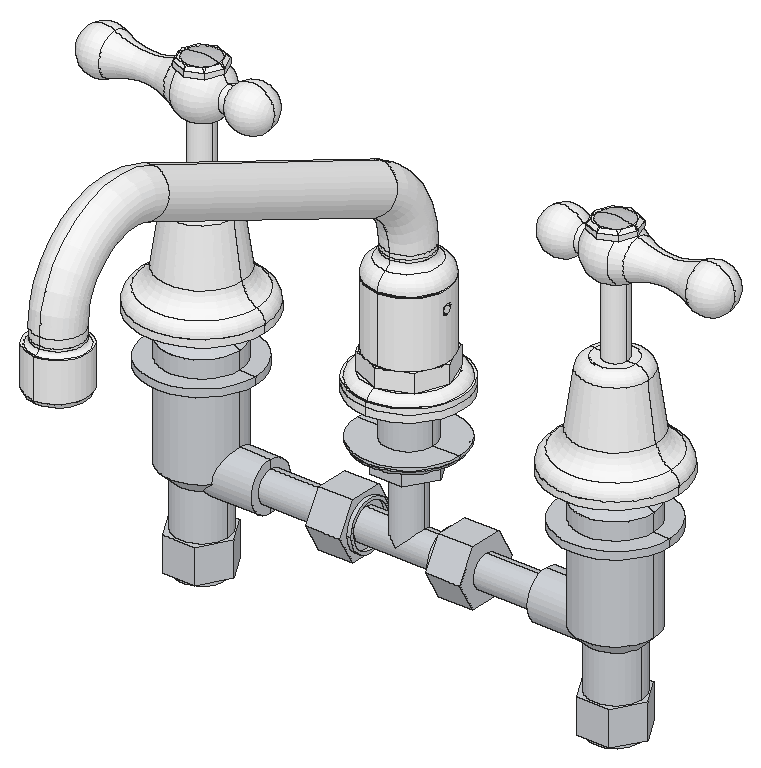
Revit family "Reece_Tap_Posh_Bristol_Sink Set", category Plumbing Fixtures, host Face, Revit 2018
Family settings
  Host = Face
  Round Connector Dimension = Use Diameter
  Part Type = Normal
  Cut with Voids When Loaded = No
  Shared = Yes
  Room Calculation Point = Yes
Parameters (values of type "180 mm_Lever Handle_Chrome")
  WFU = 0  # constant formula
  URL = "https://www.reece.com.au/product/-9502223"
  Type Comments = "Tap"
  Reece_Trim = no
  Reece_Tap_Reach = 180 mm  # constant formula
  Reece_Tap_Inlet = 12 mm  # constant formula
  Reece_Tap_Handle_Spacing_Distance [instance] = if(Reece_Tap_Handle_Spacing < 120 mm, 120 mm, if(Reece_Tap_Handle_Spacing > 55 mm, Reece_Tap_Handle_Spacing, Reece_Tap_Handle_Spacing))  # 170 mm
  Reece_Tap_Handle_Spacing [instance] = 170 mm
  Reece_Tap_Clearance = 78.5 mm  # constant formula
  Reece_Product_Web Page = "https://www.reece.com.au/product/-9502223"
  Reece_Product_Type = "Tap"  # constant formula
  Reece_Product_Sub Brand = "Bristol"  # constant formula
  Reece_Product_Number = "9502223"
  Reece_Product_Mount = "Hob Mounted"
  Reece_Product_Description = "Posh Bristol Hob Sink Set Lever Ceramic Disc Chrome (4 Star)"
  Reece_Product_Brand = "Posh"  # constant formula
  Reece_Overall_Height = 143.5 mm  # constant formula
  Reece_Material_Secondary = Reece_Brass_Chrome
  Reece_Material_Main = Reece_Brass_Chrome
  Reece_Material_Colour = Reece_Plastic_White
  Reece_Handle_Type = Reece_Tap_Posh_Bristol_Sink_Lever Handle_Nested : Reece_Tap_Posh_Bristol_Sink_Lever Handle_Nested
  Reece_Detail_Installation = ""
  Reece_Detail_Disclaimer = "THIS FILE IS THE PROPERTY OF THE REECE GROUP. IT MAY NOT BE REPRODUCED, REVERSE-ENGINEERED OR MODIFIED. ANY REPUBLICATION, TRANSMISSION OR DISTRIBUTION FOR THE PURPOSE OF COMMERCIALLY EXPLOITING THE FILES IS PROHIBITED."  # constant formula
  Reece_Detail_Connector = ""
  Reece_Detail_Additional = ""
  Model = "Bristol"
  Manufacturer = "Posh"
  Keynote = "Product #9502223, Reece_Tap_Posh_Bristol_Sink Set - 180 mm_Lever Handle_Chrome"
  HWFU = 0  # constant formula
  Disclaimer = "THIS FILE IS THE PROPERTY OF THE REECE GROUP. IT MAY NOT BE REPRODUCED, REVERSE-ENGINEERED OR MODIFIED. ANY REPUBLICATION, TRANSMISSION OR DISTRIBUTION FOR THE PURPOSE OF COMMERCIALLY EXPLOITING THE FILES IS PROHIBITED."  # constant formula
  Description = "Posh Bristol Hob Sink Set Lever Ceramic Disc Chrome (4 Star)"
  Default Elevation = 1000 mm
  CWFU = 0  # constant formula
Types (5, lengths in mm): name | URL | Reece_Trim | Reece_Product_Web Page | Reece_Product_Number | Reece_Product_Description | Reece_Material_Secondary | Reece_Material_Main | Reece_Handle_Type | Keynote | Description
  180 mm_Lever Handle_Chrome | "https://www.reece.com.au/product/-9502223" | no | "https://www.reece.com.au/product/-9502223" | "9502223" | "Posh Bristol Hob Sink Set Lever Ceramic Disc Chrome (4 Star)" | Reece_Brass_Chrome | Reece_Brass_Chrome | Reece_Tap_Posh_Bristol_Sink_Lever Handle_Nested : Reece_Tap_Posh_Bristol_Sink_Lever Handle_Nested | "Product #9502223, Reece_Tap_Posh_Bristol_Sink Set - 180 mm_Lever Handle_Chrome" | "Posh Bristol Hob Sink Set Lever Ceramic Disc Chrome (4 Star)"
  180 mm_Cross Handle_Chrome | "https://www.reece.com.au/product/-9502201" | no | "https://www.reece.com.au/product/-9502201" | "9502201" | "Posh Bristol Hob Sink Set Adjustable Chrome (4 Star)" | Reece_Brass_Chrome | Reece_Brass_Chrome | Reece_Tap_Posh_Bristol_Sink_Cross Handle_Nested : Reece_Tap_Posh_Bristol_Sink_Cross Handle_Nested | "Product #9502201, Reece_Tap_Posh_Bristol_Sink Set - 180 mm_Cross Handle_Chrome" | "Posh Bristol Hob Sink Set Adjustable Chrome (4 Star)"
  180 mm_Cross Handle_White_Chrome | "https://www.reece.com.au/product/-9502205" | yes | "https://www.reece.com.au/product/-9502205" | "9502205" | "Posh Bristol Hob Sink Set Adjustable White/Chrome (4 Star)" | Reece_Brass_Chrome | Reece_Metal_Steel Enamelled_White | Reece_Tap_Posh_Bristol_Sink_Cross Handle_Nested : Reece_Tap_Posh_Bristol_Sink_Cross Handle_Nested | "Product #9502205, Reece_Tap_Posh_Bristol_Sink Set - 180 mm_Cross Handle_White_Chrome" | "Posh Bristol Hob Sink Set Adjustable White/Chrome (4 Star)"
  180 mm_Cross Handle_Chrome_Gold | "https://www.reece.com.au/product/-9502204" | yes | "https://www.reece.com.au/product/-9502204" | "9502204" | "Posh Bristol Adjustable Hob Sink Set Chrome/Gold (4 Star)" | Reece_Metal_Gold_Polished | Reece_Brass_Chrome | Reece_Tap_Posh_Bristol_Sink_Cross Handle_Nested : Reece_Tap_Posh_Bristol_Sink_Cross Handle_Nested | "Product #9502204, Reece_Tap_Posh_Bristol_Sink Set - 180 mm_Cross Handle_Chrome_Gold" | "Posh Bristol Adjustable Hob Sink Set Chrome/Gold (4 Star)"
  180 mm_Cross Handle_Ivory_Gold | "https://www.reece.com.au/product/-9502203" | yes | "https://www.reece.com.au/product/-9502203" | "9502203" | "Posh Bristol Hob Sink Set Adjustable Ivory/Gold (4 Star)" | Reece_Metal_Gold_Polished | Reece_Metal_Steel Enamelled_Ivory | Reece_Tap_Posh_Bristol_Sink_Cross Handle_Nested : Reece_Tap_Posh_Bristol_Sink_Cross Handle_Nested | "Product #9502203, Reece_Tap_Posh_Bristol_Sink Set - 180 mm_Cross Handle_Ivory_Gold" | "Posh Bristol Hob Sink Set Adjustable Ivory/Gold (4 Star)"
Reference planes
  plane 1 "Center (Front/Back)": y = 0
  plane 2 "Bottom": z = 0
  plane 3 "Center (Left/Right)": x = 0
  plane 4 "Top": z = 143.5
  plane 5: z = 42
  plane 6: z = 78.5
  plane 7: x = 85
  plane 8: x = -85
  plane 9: y = -180
Forms (mm)
  Revolve 1, solid, material "Reece_Brass_Chrome" <- "Reece_Material_Secondary"
    sketch origin (0, 0, 0) x (0, 1, 0) y (0, 0, 1)
      loop
        line (0, 0) -> (0, 3) -> (-22, 3) -> (-22, 0) -> (0, 0)
      axis (0, 3) -> (0, 0)
    angle from 0 to 360
  Revolve 2, solid, material "Reece_Brass_Chrome" <- "Reece_Material_Main"
    sketch origin (0, 0, 0) x (0, 1, 0) y (0, 0, 1)
      loop
        line (0, 15.3) -> (0, 52.835) -> (-9.5, 52.835) -> (-9.5, 51.824)
        arc (-9.5, 51.824) -> (-10.087, 49.94) -> (-11.641, 48.724) r 3.316
        arc (-11.641, 48.724) -> (-14.608, 46.414) -> (-15.758, 42.835) r 6.377
        line (-15.758, 42.835) -> (-14.963, 42.835) -> (-14.963, 42) -> (-15.758, 42) -> (-15.758, 15.3) -> (0, 15.3)
      loop
        line (0, 7.876) -> (-17.056, 7.876)
        arc (-17.056, 7.876) -> (-19.524, 7.093) -> (-21.088, 5.031) r 4.28
        line (-21.088, 5.031) -> (-22, 5.031) -> (-22, 3) -> (0, 3) -> (0, 7.876)
      axis (0, 52.835) -> (0, 3)
    angle from 0 to 360
  Sweep 3, solid, material "Reece_Brass_Chrome" <- "Reece_Material_Main"
    path origin (0, 0, 0) x (0, 1, 0) y (0, 0, 1)
      loop
        line (0, 52.835) -> (0, 54.399)
        arc (0, 54.399) -> (-4.983, 70.957) -> (-18.278, 82.014) r 30
        line (-18.278, 82.014) -> (-135.497, 131.77)
        arc (-135.497, 131.77) -> (-165.662, 128.998) -> (-180, 102.314) r 32
        line (-180, 102.314) -> (-180, 99.003)
    profile origin (0, 0, 53.617) x (0, -1, 0) y (1, 0, 0)
      loop
        circle (0, 0) r 9.5
      loop
        circle (0, 0) r 8
  Revolve 4, solid, material "Reece_Brass_Chrome" <- "Reece_Material_Secondary"
    sketch origin (0, 0, 0) x (0, 1, 0) y (0, 0, 1)
      loop
        line (-180, 96.194) -> (-192.093, 96.194) -> (-192.093, 80.13) -> (-191.152, 78.5) -> (-180, 78.5) -> (-180, 96.194)
      axis (-180, 96.194) -> (-180, 78.5)
    angle from 0 to 360
  Revolve 5, solid, material "Reece_Brass_Chrome" <- "Reece_Material_Main"
    sketch origin (0, 0, 0) x (0, 1, 0) y (0, 0, 1)
      loop
        line (-180, 99.003) -> (-189.5, 99.003) -> (-189.5, 98.073)
        arc (-189.5, 98.073) -> (-189.961, 96.832) -> (-191.122, 96.194) r 1.9
        line (-191.122, 96.194) -> (-180, 96.194) -> (-180, 99.003)
      axis (-180, 99.003) -> (-180, 96.194)
    angle from 0 to 360
  Extrusion 6, void
    sketch origin (0, 0, 0) x (1, 0, 0) y (0, 1, 0)
      loop
        line (12.06, -12.06) -> (17.056, 0) -> (12.06, 12.06) -> (0, 17.056) -> (-12.06, 12.06) -> (-17.056, 0) -> (-12.06, -12.06) -> (0, -17.056) -> (12.06, -12.06)
      loop
        circle (0, 0) r 20
    from 7.876 to 15.3
  Revolve 7, solid, material "Reece_Brass_Chrome" <- "Reece_Material_Main"
    sketch origin (0, 0, 0) x (0, 1, 0) y (0, 0, 1)
      loop
        line (0, 7.876) -> (0, 15.3) -> (-16.045, 15.3)
        arc (-16.045, 15.3) -> (-17.599, 14.656) -> (-18.243, 13.102) r 2.198
        line (-18.243, 13.102) -> (-18.243, 7.876) -> (0, 7.876)
      axis (0, 15.3) -> (0, 7.876)
    angle from 0 to 360
  Extrusion 8, void
    sketch origin (0, 0, 0) x (1, 0, 0) y (0, 1, 0)
      loop
        circle (0, 0) r 18.049
    from -23.886 to 0
  Revolve 9, void
    sketch origin (0, 0, 0) x (1, 0, 0) y (0, 0, 1)
      loop
        line (-85, 0) -> (-85, -30) -> (-69, -30) -> (-69, 0) -> (-85, 0)
      axis (-85, 0) -> (-85, -30)
    angle from 0 to 360
  Revolve 10, void
    sketch origin (0, 0, 0) x (-1, 0, 0) y (0, 0, 1)
      loop
        line (-85, 0) -> (-85, -30) -> (-69, -30) -> (-69, 0) -> (-85, 0)
      axis (-85, 0) -> (-85, -30)
    angle from 0 to 360
  Revolve 11, solid
    sketch origin (0, 0, -8.627) x (1, 0, 0) y (0, 0, 1)
      loop
        line (0, 8.627) -> (0, -47) -> (6.5, -47) -> (6.5, -11.7) -> (18.888, -11.7)
        arc (18.888, -11.7) -> (19.596, -11.407) -> (19.888, -10.7) r 1
        line (19.888, -10.7) -> (19.888, -9.6) -> (20.888, -9.6) -> (20.888, -8.742) -> (10, -8.742) -> (10, 8.627) -> (0, 8.627)
      axis (0, 8.627) -> (0, -47)
    angle from 0 to 360
  Revolve 12, solid
    sketch origin (0, 0, -8.627) x (1, 0, 0) y (0, 0, 1)
      loop
        line (85, -47) -> (85, -37.123) -> (56.612, -37.123) -> (56.612, -40.5) -> (-56.612, -40.5) -> (-56.612, -37.123) -> (-85, -37.123) -> (-85, -47) -> (85, -47)
      axis (85, -47) -> (-85, -47)
    angle from 0 to 360
  Extrusion 13, solid
    sketch origin (-86.612, -0.379, -58.508) x (0, 1, 0) y (0, 0, 1)
      loop
        line (-12.921, 2.881) -> (-6.271, -8.637) -> (7.029, -8.637) -> (13.679, 2.881) -> (7.029, 14.399) -> (-6.271, 14.399) -> (-12.921, 2.881)
    from 55 to 69
  Revolve 14, solid
    sketch origin (10, 0, -7.769) x (1, 0, 0) y (0, 0, 1)
      loop
        line (-110.559, -12.6) -> (-110.559, -48.588) -> (-105.61, -53.538) -> (-105.61, -72.919) -> (-104.007, -74.52) -> (-95, -74.52) -> (-95, 7.769) -> (-105, 7.769) -> (-105, 0.4) -> (-110.559, -2.6) -> (-110.559, -9.6) -> (-117.347, -9.6) -> (-117.347, -12.6) -> (-110.559, -12.6)
      axis (-95, 7.769) -> (-95, -74.52)
    angle from 0 to 360
  Extrusion 15, solid
    sketch origin (-90, 0, -80.688) x (0, 1, 0) y (1, 0, 0)
      loop
        line (0.001, 18.3) -> (-11.518, 11.65) -> (-11.518, -1.65) -> (0.001, -8.3) -> (11.519, -1.65) -> (11.519, 11.65) -> (0.001, 18.3)
    from 0 to 14
  Extrusion 16, solid
    sketch origin (-90, 0, -94.688) x (-1, 0, 0) y (0, 1, 0)
      loop
        circle (-5, 0.001) r 10
      loop
        circle (-5, 0.001) r 9
    from 0 to 2
  Extrusion 17, solid
    sketch origin (90, 0, -80.688) x (0, 1, 0) y (1, 0, 0)
      loop
        line (0.001, 8.3) -> (-11.518, 1.65) -> (-11.518, -11.65) -> (0.001, -18.3) -> (11.519, -11.65) -> (11.519, 1.65) -> (0.001, 8.3)
    from 0 to 14
  Extrusion 18, solid
    sketch origin (90, -0.001, -94.688) x (-1, 0, 0) y (0, 1, 0)
      loop
        circle (5, 0.001) r 10
      loop
        circle (5, 0.001) r 9
    from 0 to 2
  Extrusion 19, solid
    sketch origin (22.612, -0.379, -58.508) x (0, 1, 0) y (0, 0, 1)
      loop
        line (-12.921, 2.881) -> (-6.271, -8.637) -> (7.029, -8.637) -> (13.679, 2.881) -> (7.029, 14.399) -> (-6.271, 14.399) -> (-12.921, 2.881)
    from -5 to 9
  Extrusion 20, solid
    sketch origin (17.612, -0.379, -58.508) x (0, -1, 0) y (0, 0, 1)
      loop
        circle (-0.379, 2.881) r 10
      loop
        circle (-0.379, 2.881) r 9
    from 0 to 2
  Revolve 21, solid
    sketch origin (-10, 0, -7.769) x (-1, 0, 0) y (0, 0, -1)
      loop
        line (-110.559, 12.6) -> (-117.347, 12.6) -> (-117.347, 9.6) -> (-110.559, 9.6) -> (-110.559, 2.6) -> (-105, -0.4) -> (-105, -7.769) -> (-95, -7.769) -> (-95, 74.52) -> (-104.007, 74.52) -> (-105.61, 72.919) -> (-105.61, 53.538) -> (-110.559, 48.588) -> (-110.559, 12.6)
      axis (-95, -7.769) -> (-95, 74.52)
    angle from 0 to 360
  Extrusion 22, solid
    sketch origin (0, 0, -20.327) x (0, 1, 0) y (1, 0, 0)
      loop
        line (0.001, 13.3) -> (-11.518, 6.65) -> (-11.518, -6.65) -> (0.001, -13.3) -> (11.519, -6.65) -> (11.519, 6.65) -> (0.001, 13.3)
    from 0 to 8.3
  Revolve 23, void
    sketch origin (0, 0, 0) x (1, 0, 0) y (0, 0, 1)
      loop
        line (16.205, 37) -> (15.266, 37) -> (15.266, 36.208) -> (14.016, 36.208) -> (14.016, 34.817) -> (16.205, 34.817) -> (16.205, 37)
      axis (14.016, 34.817) -> (16.205, 34.817)
    angle from 0 to 360
  Extrusion 24, solid, material "Reece_Brass_Chrome" <- "Reece_Material_Secondary"
    sketch origin (0, 0, 0) x (0, 1, 0) y (0, 0, 1)
      loop
        circle (0, 34.817) r 1.391
    from 14.016 to 15.758
  Extrusion 25, solid
    sketch origin (-17.612, -0.379, -58.508) x (0, -1, 0) y (0, 0, -1)
      loop
        circle (-0.379, -2.881) r 10
      loop
        circle (-0.379, -2.881) r 9
    from 0 to 2
Cuts and joins
  Revolve 23 cuts Revolve 2
  joined: Revolve 2, Sweep 3, Revolve 5
  Extrusion 6 cuts Revolve 7
  joined: Revolve 11, Revolve 12, Revolve 14, Extrusion 15, Extrusion 16, Extrusion 17, Extrusion 18, Revolve 21, Extrusion 22
  joined: Extrusion 19, Extrusion 20
Text (mm)
  text "Reece Copyright © 2018, Reece Ltd." at (-352.244, -249.812, 0), in view "Ref. Level"
  text "Reece ©" at (44.964, 162.77, 95.584), in view "Reece Preview"
Dimensions and locks
  "Reece_Overall_Height": plane 4 "Top" to plane 2 "Bottom"
  equal spacing: plane 8, plane 3 "Center (Left/Right)", plane 7
  "Reece_Tap_Handle_Spacing_Distance": plane 8 to plane 7
  "Reece_Tap_Clearance": plane 6 to plane 2 "Bottom"
  plane 5 to plane 2 "Bottom" = 42 mm
  "Reece_Tap_Reach": plane 1 "Center (Front/Back)" to plane 9
  plane 8 to cut or joined group 1 (Revolve 11, Revolve 12, Revolve 14, Extrusion 15, Extrusion 16, Extrusion 17, Extrusion 18, Revolve 21, Extrusion 22) = 0 mm
  aligned and locked: plane 2 "Bottom" to host face
  aligned and locked: level to host face
  aligned and locked: nested 1 to plane 1 "Center (Front/Back)"
  aligned and locked: nested 1 to plane 8
  aligned and locked: Revolve 10 sketch curve to plane 7
  aligned and locked: plane 1 "Center (Front/Back)" to nested 2
  aligned and locked: plane 7 to nested 2
  aligned and locked: Revolve 12 sketch curve to nested 2
  aligned and locked: Revolve 12 sketch curve to nested 1
Automatic sketch dimensions
  host sketch curve to host sketch curve = 380.785 mm
  host sketch curve to host sketch curve = 317.421 mm
  level to Revolve 1 sketch curve = 0 mm
  Revolve 1 sketch curve to plane 1 "Center (Front/Back)" = 0 mm  (x2)
  level to Revolve 1 sketch curve = 3 mm
  plane 1 "Center (Front/Back)" to Revolve 1 sketch curve = 22 mm
  Revolve 1 sketch curve to level = 3.5 mm
  Revolve 1 sketch curve to Revolve 1 sketch curve = 1.5 mm
  Revolve 2 sketch curve to plane 5 = 0 mm
  Revolve 2 sketch curve to plane 1 "Center (Front/Back)" = 0 mm  (x3)
  plane 5 to Revolve 2 sketch curve = 0.761 mm
  plane 1 "Center (Front/Back)" to Revolve 2 sketch curve = 9.382 mm
  Revolve 2 sketch curve to Revolve 2 sketch curve = 0.118 mm
  Revolve 2 sketch curve to Revolve 2 sketch curve = 3.316 mm
  Revolve 2 sketch curve to Revolve 2 sketch curve = 5.582 mm
  Revolve 2 sketch curve to Revolve 2 sketch curve = 0.795 mm  (x2)
  level to Revolve 2 sketch curve = 3.596 mm
  Revolve 2 sketch curve to Revolve 2 sketch curve = 1.298 mm
  Revolve 2 sketch curve to Revolve 2 sketch curve = 4.032 mm
  Revolve 2 sketch curve to Revolve 2 sketch curve = 0.912 mm
  level to Revolve 2 sketch curve = 3 mm
  Revolve 2 sketch curve to Revolve 2 sketch curve = 2.031 mm
  Revolve 2 sketch curve to Revolve 2 sketch curve = 7.424 mm
  Revolve 2 sketch curve to Revolve 2 sketch curve = 0.835 mm
  Revolve 2 sketch curve to Revolve 2 sketch curve = 8.989 mm
  Revolve 2 sketch curve to Revolve 2 sketch curve = 1.011 mm
  Revolve 2 sketch curve to Revolve 2 sketch curve = 3.736 mm
  Revolve 2 sketch curve to plane 5 = 5.269 mm
  Sweep 3 sketch curve to plane 9 = 0 mm
  Sweep 3 sketch curve to plane 1 "Center (Front/Back)" = 0 mm
  Sweep 3 sketch curve to plane 9 = 32 mm
  Sweep 3 sketch curve to plane 4 "Top" = 11.73 mm
  Sweep 3 sketch curve to Sweep 3 sketch curve = 12.503 mm
  plane 5 to Sweep 3 sketch curve = 12.399 mm
  plane 1 "Center (Front/Back)" to Sweep 3 sketch curve = 30 mm
  plane 6 to Sweep 3 sketch curve = 3.514 mm
  Sweep 3 sketch curve to Sweep 3 sketch curve = 1.564 mm
  Sweep 3 sketch curve to Sweep 3 sketch curve = 3.311 mm
  Sweep 3 sketch curve to Sweep 3 sketch curve = 0 mm  (x2)
  Sweep 3 sketch curve to plane 3 "Center (Left/Right)" = 0 mm
  Sweep 3 sketch curve to profile plane = 0 mm
  Revolve 4 sketch curve to plane 6 = 0 mm
  Revolve 4 sketch curve to plane 9 = 0 mm  (x2)
  Revolve 4 sketch curve to Revolve 4 sketch curve = 11.152 mm
  Revolve 4 sketch curve to Revolve 4 sketch curve = 0.941 mm
  plane 6 to Revolve 4 sketch curve = 1.63 mm
  Revolve 4 sketch curve to Revolve 4 sketch curve = 16.064 mm
  Revolve 4 sketch curve to plane 6 = 3.059 mm
  Revolve 4 sketch curve to Revolve 4 sketch curve = 1.837 mm
  Revolve 5 sketch curve to plane 9 = 0 mm  (x2)
  Revolve 5 sketch curve to Revolve 5 sketch curve = 9.5 mm
  Revolve 5 sketch curve to Revolve 5 sketch curve = 1.622 mm
  Revolve 5 sketch curve to Revolve 5 sketch curve = 1.9 mm
  plane 6 to Revolve 5 sketch curve = 17.694 mm
  Revolve 5 sketch curve to Revolve 5 sketch curve = 0.929 mm
  Revolve 5 sketch curve to Revolve 5 sketch curve = 2.893 mm
  Revolve 5 sketch curve to Revolve 5 sketch curve = 1.024 mm
  plane 1 "Center (Front/Back)" to Extrusion 6 sketch curve = 0 mm  (x3)
  Extrusion 6 sketch curve to plane 3 "Center (Left/Right)" = 0 mm  (x3)
  Extrusion 6 sketch curve to plane 3 "Center (Left/Right)" = 12.06 mm  (x2)
  Extrusion 6 sketch curve to Extrusion 6 sketch curve = 4.996 mm  (x4)
  plane 3 "Center (Left/Right)" to Extrusion 6 sketch curve = 12.06 mm  (x2)
  plane 1 "Center (Front/Back)" to Extrusion 6 sketch curve = 12.06 mm  (x2)
  Extrusion 6 sketch curve to plane 1 "Center (Front/Back)" = 12.06 mm  (x2)
  Revolve 7 sketch curve to plane 1 "Center (Front/Back)" = 0 mm  (x2)
  plane 1 "Center (Front/Back)" to Revolve 7 sketch curve = 16.045 mm
  Revolve 7 sketch curve to Revolve 7 sketch curve = 2.198 mm
  level to Revolve 7 sketch curve = 7.876 mm
  Revolve 7 sketch curve to Revolve 7 sketch curve = 5.226 mm
  Revolve 7 sketch curve to Revolve 7 sketch curve = 2.366 mm
  Revolve 7 sketch curve to plane 5 = 5.269 mm
  plane 1 "Center (Front/Back)" to Extrusion 8 sketch curve = 0 mm
  Extrusion 8 sketch curve to plane 3 "Center (Left/Right)" = 0 mm
  Revolve 9 sketch curve to level = 0 mm
  plane 8 to Revolve 9 sketch curve = 0 mm  (x2)
  Revolve 9 sketch curve to plane 8 = 16 mm
  Revolve 9 sketch curve to Revolve 9 sketch curve = 30 mm
  Revolve 9 sketch curve to Revolve 9 sketch curve = 15 mm  (x2)
  Revolve 10 sketch curve to level = 0 mm
  Revolve 10 sketch curve to plane 7 = 0 mm
  plane 7 to Revolve 10 sketch curve = 16 mm
  level to Revolve 10 sketch curve = 30 mm
  level to Revolve 10 sketch curve = 15 mm
  Revolve 10 sketch curve to Revolve 10 sketch curve = 15 mm
  Revolve 11 sketch curve to plane 3 "Center (Left/Right)" = 0 mm  (x2)
  Revolve 11 sketch curve to level = 0 mm
  plane 3 "Center (Left/Right)" to Revolve 11 sketch curve = 6.5 mm
  plane 3 "Center (Left/Right)" to Revolve 11 sketch curve = 10 mm
  Revolve 11 sketch curve to Revolve 11 sketch curve = 8.888 mm
  Revolve 11 sketch curve to Revolve 11 sketch curve = 1 mm  (x2)
  Revolve 11 sketch curve to level = 17.369 mm
  Revolve 11 sketch curve to Revolve 11 sketch curve = 0.858 mm
  Revolve 11 sketch curve to Revolve 11 sketch curve = 1.1 mm
  Revolve 11 sketch curve to Revolve 11 sketch curve = 35.3 mm
  Revolve 11 sketch curve to Revolve 11 sketch curve = 9.761 mm
  Revolve 11 sketch curve to Revolve 11 sketch curve = 14.612 mm
  Revolve 12 sketch curve to Revolve 12 sketch curve = 28.388 mm
  Revolve 12 sketch curve to plane 7 = 28.388 mm
  Revolve 12 sketch curve to level = 55.627 mm
  Revolve 12 sketch curve to Revolve 12 sketch curve = 6.5 mm
  Revolve 12 sketch curve to Revolve 12 sketch curve = 9.877 mm
  Revolve 12 sketch curve to Revolve 12 sketch curve = 3.377 mm
  plane 8 to Revolve 12 sketch curve = 45 mm
  plane 7 to Revolve 12 sketch curve = 40 mm
  Revolve 12 sketch curve to Revolve 12 sketch curve = 0 mm
  plane 1 "Center (Front/Back)" to Extrusion 13 sketch curve = 13.3 mm
  plane 1 "Center (Front/Back)" to Extrusion 13 sketch curve = 6.65 mm  (x2)
  Extrusion 13 sketch curve to plane 1 "Center (Front/Back)" = 6.65 mm  (x2)
  Extrusion 13 sketch curve to Extrusion 13 sketch curve = 6.65 mm
  Extrusion 13 sketch curve to level = 67.145 mm
  Extrusion 13 sketch curve to Extrusion 13 sketch curve = 11.518 mm  (x3)
  Revolve 14 sketch curve to level = 0 mm
  plane 8 to Revolve 14 sketch curve = 0 mm  (x2)
  plane 8 to Revolve 14 sketch curve = 9.007 mm
  plane 8 to Revolve 14 sketch curve = 10 mm
  Revolve 14 sketch curve to Revolve 14 sketch curve = 1.602 mm
  Revolve 14 sketch curve to Revolve 14 sketch curve = 5.559 mm
  Revolve 14 sketch curve to Revolve 14 sketch curve = 0 mm  (x2)
  Revolve 14 sketch curve to Revolve 14 sketch curve = 6.788 mm
  Revolve 14 sketch curve to Revolve 14 sketch curve = 7.369 mm
  Revolve 14 sketch curve to Revolve 14 sketch curve = 3 mm  (x2)
  Revolve 14 sketch curve to Revolve 14 sketch curve = 7 mm
  Revolve 14 sketch curve to Revolve 14 sketch curve = 35.988 mm
  Revolve 14 sketch curve to Revolve 14 sketch curve = 4.95 mm
  Revolve 14 sketch curve to Revolve 14 sketch curve = 19.382 mm
  Revolve 14 sketch curve to Revolve 14 sketch curve = 1.601 mm
  Revolve 14 sketch curve to Revolve 14 sketch curve = 38.18 mm
  plane 6 to Revolve 14 sketch curve = 21.031 mm
  plane 1 "Center (Front/Back)" to Extrusion 15 sketch curve = 11.518 mm
  Extrusion 15 sketch curve to plane 1 "Center (Front/Back)" = 0.001 mm  (x2)
  Extrusion 15 sketch curve to plane 1 "Center (Front/Back)" = 11.519 mm
  Extrusion 15 sketch curve to plane 8 = 13.3 mm
  Extrusion 15 sketch curve to plane 8 = 6.65 mm  (x2)
  plane 8 to Extrusion 15 sketch curve = 6.65 mm  (x2)
  Extrusion 15 sketch curve to Extrusion 15 sketch curve = 6.65 mm
  Extrusion 16 sketch curve to Extrusion 16 sketch curve = 0 mm  (x2)
  Extrusion 15 to Extrusion 16 sketch curve = 11.518 mm  (x2)
  plane 1 "Center (Front/Back)" to Extrusion 17 sketch curve = 11.518 mm
  Extrusion 17 sketch curve to plane 1 "Center (Front/Back)" = 0.001 mm  (x2)
  Extrusion 17 sketch curve to plane 1 "Center (Front/Back)" = 11.519 mm
  plane 7 to Extrusion 17 sketch curve = 13.3 mm
  plane 7 to Extrusion 17 sketch curve = 6.65 mm  (x2)
  Extrusion 17 sketch curve to plane 7 = 6.65 mm  (x2)
  Extrusion 17 sketch curve to plane 7 = 13.3 mm
  Extrusion 18 sketch curve to Extrusion 18 sketch curve = 0 mm  (x2)
  plane 1 "Center (Front/Back)" to Extrusion 18 sketch curve = 0 mm
  Extrusion 18 sketch curve to plane 7 = 0 mm
  plane 1 "Center (Front/Back)" to Extrusion 19 sketch curve = 13.3 mm
  plane 1 "Center (Front/Back)" to Extrusion 19 sketch curve = 6.65 mm  (x2)
  Extrusion 19 sketch curve to plane 1 "Center (Front/Back)" = 6.65 mm  (x2)
  Extrusion 19 sketch curve to Extrusion 19 sketch curve = 6.65 mm
  Extrusion 19 sketch curve to level = 67.145 mm
  Extrusion 19 sketch curve to Extrusion 19 sketch curve = 11.518 mm  (x3)
  Extrusion 20 sketch curve to Extrusion 20 sketch curve = 0 mm  (x2)
  Extrusion 20 sketch curve to Extrusion 19 = 11.518 mm  (x2)
  Revolve 21 sketch curve to level = 0 mm
  plane 7 to Revolve 21 sketch curve = 0 mm
  Revolve 21 sketch curve to plane 7 = 0 mm
  plane 7 to Revolve 21 sketch curve = 9.007 mm
  plane 7 to Revolve 21 sketch curve = 10 mm
  Revolve 21 sketch curve to Revolve 21 sketch curve = 1.602 mm
  Revolve 21 sketch curve to Revolve 21 sketch curve = 5.559 mm
  Revolve 21 sketch curve to Revolve 21 sketch curve = 0 mm  (x2)
  Revolve 21 sketch curve to Revolve 21 sketch curve = 6.788 mm
  Revolve 21 sketch curve to level = 7.369 mm
  Revolve 21 sketch curve to Revolve 21 sketch curve = 3 mm  (x2)
  Revolve 21 sketch curve to Revolve 21 sketch curve = 7 mm
  Revolve 21 sketch curve to Revolve 21 sketch curve = 35.988 mm
  Revolve 21 sketch curve to Revolve 21 sketch curve = 4.95 mm
  Revolve 21 sketch curve to Revolve 21 sketch curve = 19.382 mm
  Revolve 21 sketch curve to Revolve 21 sketch curve = 1.601 mm
  plane 6 to Revolve 21 sketch curve = 21.031 mm
  Revolve 21 sketch curve to Revolve 21 sketch curve = 38.18 mm
  plane 1 "Center (Front/Back)" to Extrusion 22 sketch curve = 11.518 mm
  Extrusion 22 sketch curve to plane 1 "Center (Front/Back)" = 0.001 mm  (x2)
  Extrusion 22 sketch curve to plane 1 "Center (Front/Back)" = 11.519 mm
  plane 3 "Center (Left/Right)" to Extrusion 22 sketch curve = 13.3 mm
  plane 3 "Center (Left/Right)" to Extrusion 22 sketch curve = 6.65 mm  (x2)
  Extrusion 22 sketch curve to plane 3 "Center (Left/Right)" = 6.65 mm  (x2)
  Extrusion 22 sketch curve to plane 3 "Center (Left/Right)" = 13.3 mm
  plane 3 "Center (Left/Right)" to Revolve 23 sketch curve = 14.016 mm
  Revolve 23 sketch curve to Revolve 23 sketch curve = 1.25 mm
  Revolve 23 sketch curve to Revolve 23 sketch curve = 0.939 mm
  Revolve 23 sketch curve to plane 5 = 7.183 mm
  Revolve 23 sketch curve to Revolve 23 sketch curve = 1.391 mm
  Revolve 23 sketch curve to Revolve 23 sketch curve = 0.792 mm
  Revolve 23 sketch curve to Revolve 23 sketch curve = 0 mm  (x2)
  Revolve 23 sketch curve to Revolve 23 sketch curve = 1.693 mm
  Extrusion 24 sketch curve to Extrusion 24 sketch curve = 0 mm  (x2)
  Extrusion 24 sketch curve to plane 1 "Center (Front/Back)" = 0 mm
  Extrusion 24 sketch curve to plane 5 = 7.183 mm
  Extrusion 24 sketch curve to Extrusion 24 sketch curve = 1.391 mm
  Extrusion 25 sketch curve to Extrusion 25 sketch curve = 0 mm  (x2)
  Extrusion 25 sketch curve to plane 1 "Center (Front/Back)" = 0 mm
  Extrusion 25 sketch curve to level = 55.627 mm
  radius of Sweep 3 sketch curve = 9.5 mm
  radius of Sweep 3 sketch curve = 8 mm
  radius of Extrusion 6 sketch curve = 20 mm
  radius of Extrusion 8 sketch curve = 18.049 mm
  radius of Extrusion 16 sketch curve = 10 mm
  radius of Extrusion 16 sketch curve = 9 mm
  radius of Extrusion 18 sketch curve = 10 mm
  radius of Extrusion 18 sketch curve = 9 mm
  radius of Extrusion 20 sketch curve = 10 mm
  radius of Extrusion 20 sketch curve = 9 mm
  radius of Extrusion 25 sketch curve = 10 mm
  radius of Extrusion 25 sketch curve = 9 mm
Nested families
  nested 1: "Reece_Tap_Posh_Bristol_Sink_Lever Handle_Nested" at (-85, 0, 0) x (-1, 0, 0) z (0, 0, 1), Reece_Material_Main <- "Reece_Material_Main", Reece_Material_Colour <- "Reece_Material_Colour", type <- "Reece_Handle_Type", Reece_Trim <- "Reece_Trim", Reece_Material_Secondary <- "Reece_Material_Secondary", type "Reece_Tap_Posh_Bristol_Sink_Lever Handle_Nested"
    with Reece_Trim no, Reece_Material_Secondary Reece_Brass_Chrome, Reece_Material_Main Reece_Brass_Chrome, Reece_Material_Colour Reece_Plastic_White
  nested 2: "Reece_Tap_Posh_Bristol_Sink_Lever Handle_Nested" at (85, 0, 0), type <- "Reece_Handle_Type", Reece_Material_Colour <- "Reece_Material_Colour", Reece_Material_Main <- "Reece_Material_Main", Reece_Trim <- "Reece_Trim", Reece_Material_Secondary <- "Reece_Material_Secondary", type "Reece_Tap_Posh_Bristol_Sink_Lever Handle_Nested"
    with Reece_Trim no, Reece_Material_Secondary Reece_Brass_Chrome, Reece_Material_Main Reece_Brass_Chrome, Reece_Material_Colour Reece_Plastic_White
Connectors
  piping at (-85, 0.001, -96.688), diameter 12, driven by "Reece_Tap_Inlet"
    settings: on cut or joined group 1, index 1, connector inside diameter 609.6 mm, connector length 0 mm, flow factor 0, pipe flow 0.0 L/s, pressure drop 0.0 Pa, fitting loss kfactor 0, connector angle 0.00°, fixture units 0, engagement length 0 mm, angle of deflection 0.00°, flow configuration 0, flow direction 1, fitting loss method 0, system type 29, joint type 0, gender type 0, connector reference index -1, connector utility 0, adjustable connector no, is connector primary yes, connector description ""
  piping at (85, 0, -96.688), diameter 12, driven by "Reece_Tap_Inlet"
    settings: on cut or joined group 1, index 2, connector inside diameter 609.6 mm, connector length 0 mm, flow factor 0, pipe flow 0.0 L/s, pressure drop 0.0 Pa, fitting loss kfactor 0, connector angle 0.00°, fixture units 0, engagement length 0 mm, angle of deflection 0.00°, flow configuration 0, flow direction 1, fitting loss method 0, system type 29, joint type 0, gender type 0, connector reference index -1, connector utility 0, adjustable connector no, is connector primary no, connector description ""
Definition of nested family "Reece_Tap_Posh_Bristol_Sink_Lever Handle_Nested"
  Parameters (values of type "Reece_Tap_Posh_Bristol_Sink_Lever Handle_Nested")
    Waste Connection = no
    WFU = 0
    Vent Connection = no
    URL = ""
    Type Comments = ""
    Reece_Trim [instance] = yes
    Reece_Material_Secondary [instance] = none
    Reece_Material_Main [instance] = none
    Reece_Material_Colour [instance] = none
    Model = ""
    Manufacturer = ""
    Keynote = ""
    HWFU = 0
    HW Connection = no
    Description = ""
    Default Elevation = 1000 mm
    Cost = 0
    CWFU = 0
    CW Connection = no
    Assembly Code = ""
  Reference planes
    plane 1 "Center (Front/Back)": y = 0
    plane 2 "Bottom": z = 0
    plane 3 "Center (Left/Right)": x = 0
    plane 4: z = 42
    plane 5: x = -26
    plane 6: x = 26
    plane 7: y = 26
    plane 8: y = -26
  Forms (mm)
    Extrusion 1, solid
      sketch origin (619.2, -619.2, 0) x (1, 0, 0) y (0, 1, 0)
        loop
          line (-809.2, 779.2) -> (-809.2, 461.779) -> (-428.415, 461.779) -> (-428.415, 779.2) -> (-809.2, 779.2)
      from 0 to -9.564
    Revolve 2, solid, material <- "Reece_Material_Secondary"
      sketch origin (94.362, 0, 0) x (1, 0, 0) y (0, 0, 1)
        loop
          line (-94.362, 72.508) -> (-99.162, 72.508) -> (-99.162, 42) -> (-94.362, 42) -> (-94.362, 72.508)
        axis (-94.362, 42) -> (-94.362, 72.508)
      angle from 0 to 360
    Revolve 3, solid, material <- "Reece_Material_Secondary"
      sketch origin (0, 0, 0) x (1, 0, 0) y (0, 0, 1)
        loop
          line (-29.897, 81.008) -> (48.983, 81.008)
          arc (48.983, 81.008) -> (44.662, 89.059) -> (35.533, 89.44) r 9.223
          arc (35.533, 89.44) -> (22.419, 86.151) -> (9.21, 89.032) r 29.627
          arc (9.21, 89.032) -> (6.983, 90.115) -> (4.773, 91.232) r 159.937
          arc (4.773, 91.232) -> (-4.026, 91.955) -> (-10.744, 86.227) r 11.5
          line (-10.744, 86.227) -> (-13.343, 86.227)
          arc (-13.343, 86.227) -> (-23.533, 89.687) -> (-29.897, 81.008) r 9.1
        axis (-29.897, 81.008) -> (48.983, 81.008)
      angle from 0 to 360
    Blend 4, solid, material <- "Reece_Material_Main"
      base sketch origin (-0.068, 0, -7.992) x (1, 0, 0) y (0, 1, 0)
        loop
          line (0, 9.379) -> (-6.632, 6.632) -> (-9.379, 0) -> (-6.632, -6.632) -> (0, -9.379) -> (6.632, -6.632) -> (9.379, 0) -> (6.632, 6.632) -> (0, 9.379)
      top sketch origin (-0.068, 0, -7.992) x (1, 0, 0) y (0, 1, 0)
        loop
          line (-0.413, 7.918) -> (-5.307, 5.891)
          arc (-5.307, 5.891) -> (-5.657, 5.657) -> (-5.891, 5.307) r 1.079
          line (-5.891, 5.307) -> (-7.918, 0.413)
          arc (-7.918, 0.413) -> (-8, 0) -> (-7.918, -0.413) r 1.079
          line (-7.918, -0.413) -> (-5.891, -5.307)
          arc (-5.891, -5.307) -> (-5.657, -5.657) -> (-5.307, -5.891) r 1.079
          line (-5.307, -5.891) -> (-0.413, -7.918)
          arc (-0.413, -7.918) -> (0, -8) -> (0.413, -7.918) r 1.079
          line (0.413, -7.918) -> (5.307, -5.891)
          arc (5.307, -5.891) -> (5.657, -5.657) -> (5.891, -5.307) r 1.079
          line (5.891, -5.307) -> (7.918, -0.413)
          arc (7.918, -0.413) -> (8, 0) -> (7.918, 0.413) r 1.079
          line (7.918, 0.413) -> (5.891, 5.307)
          arc (5.891, 5.307) -> (5.657, 5.657) -> (5.307, 5.891) r 1.079
          line (5.307, 5.891) -> (0.413, 7.918)
          arc (0.413, 7.918) -> (0, 8) -> (-0.413, 7.918) r 1.079
      from 99.319 to 100.75
    Revolve 5, solid, material <- "Reece_Material_Colour"
      sketch origin (-0.135, 0, -6.466) x (1, 0, 0) y (0, 0, 1)
        loop
          line (0.067, 99.224) -> (0.067, 100.224)
          arc (0.067, 100.224) -> (-3.469, 99.973) -> (-6.933, 99.224) r 25
          line (-6.933, 99.224) -> (0.067, 99.224)
        axis (0.067, 99.224) -> (0.067, 100.224)
      angle from 0 to 360
    Extrusion 6, void
      sketch origin (0, 1.181, -7.992) x (1, 0, 0) y (0, 0, 1)
        loop
          line (-11.916, 97.319) -> (15, 97.319) -> (15, 103.157) -> (-11.916, 103.157) -> (-11.916, 97.319)
        loop
          line (-11.916, 80.5) -> (-11.916, 74.843) -> (15, 74.843) -> (15, 80.5) -> (-11.916, 80.5)
      from -18.342 to 16.181
    Extrusion 7, solid, material <- "Reece_Material_Main"
      sketch origin (-0.016, 0, 89.327) x (0, -1, 0) y (1, 0, 0)
        loop
          line (-6.632, -6.683) -> (0, -9.43) -> (6.632, -6.683) -> (9.379, -0.051) -> (6.632, 6.581) -> (0, 9.328) -> (-6.632, 6.581) -> (-9.379, -0.051) -> (-6.632, -6.683)
      from 0 to 2
    Revolve 8, solid, material <- "Reece_Material_Secondary"
      sketch origin (0, 0, 0) x (1, 0, 0) y (0, 0, 1)
        loop
          line (0, 42) -> (-8.503, 42)
          arc (-8.503, 42) -> (-11.77, 40.785) -> (-13.45, 37.732) r 5
          line (-13.45, 37.732) -> (-16.702, 15.752)
          arc (-16.702, 15.752) -> (-18.682, 11.101) -> (-22.684, 8.013) r 10
          arc (-22.684, 8.013) -> (-25.096, 6.005) -> (-26, 3) r 5.447
          line (-26, 3) -> (-26, 0) -> (0, 0) -> (0, 42)
        axis (0, 42) -> (0, 0)
      angle from 0 to 360
  Cuts and joins
    Extrusion 6 cuts Revolve 3
    joined: Revolve 2, Revolve 3, Revolve 8
  Text (mm)
    text "Reece Copyright © 2018, Reece Ltd." at (-298.938, -219.817, 0), in view "Ref. Level"
    text "Reece ©" at (44.384, 258.95, 192.345), in view "Reece Preview"
  Dimensions and locks
    Extrusion 1 to plane 4 = 42 mm
    aligned and locked: Extrusion 1 to plane 2 "Bottom"
    aligned and locked: level to Extrusion 1
    aligned and locked: Revolve 2 sketch curve to Revolve 2 sketch curve  (x2)
